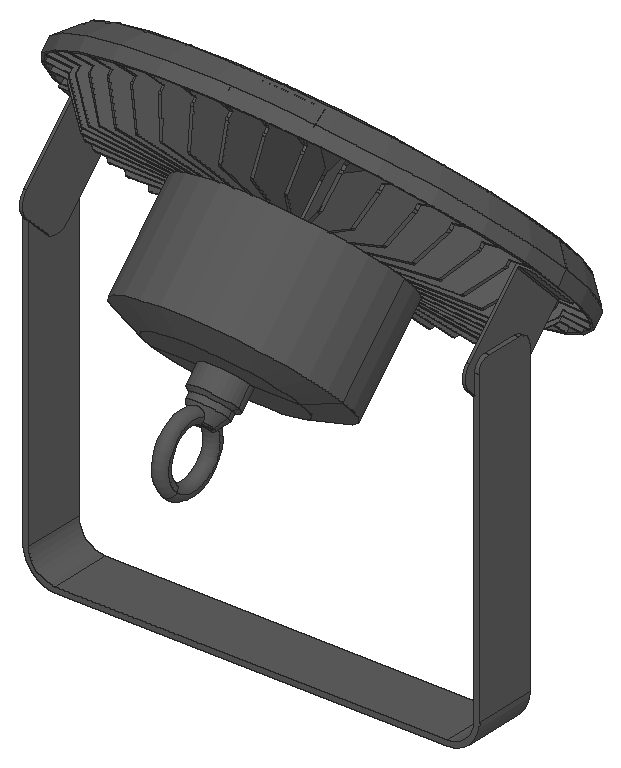
Revit family "0039365+0039353 Sylvania Lighting Fixture START HighBay IP65 DALI 13000lm 840 WB with BRACKET", category Lighting Fixtures, host Face, Revit 2017 (continued)
Definition of nested family "Start LED Highbay DALI Head"
  Nested families
    nested 8: "Start Highbay Rib" at (0, 0, 80.875) x (0.454, 0.891, 0) z (0, 0, 1), type "Type Name", detail levels medium+fine
      with SuspensionHeight_FEILO 2.6 mm, WidthStraight_FEILO 4.7 mm, WidthRingChamfer_FEILO 12.9 mm, WidthCurved_FEILO 26.2 mm, WidthCurvedRing_FEILO 4.7 mm, SizeS_FEILO no, Rib4_FEILO 14.6 mm, Rib3_FEILO 20.2 mm, Rib2_FEILO 4.5 mm, Rib1_FEILO 19 mm, RadiusDiffuser_FEILO 120 mm, RHRadius3_FEILO 8.6 mm, RHRadius2_FEILO 14 mm, RHRadius1_FEILO 17.7 mm, RHHeight4_FEILO 9.2 mm, RHHeight3_FEILO 4.6 mm, RHHeight2_FEILO 2.6 mm, RHHeight1_FEILO 17.4 mm, HeightRing_FEILO 36.8 mm, HeightRingChamfer_FEILO 26.6 mm, EyeThickness_FEILO 10.5 mm, EyeThicknessHalf_FEILO 5.25 mm, EyeInner_FEILO 17.3 mm, DriverVerticalStraight_FEILO 57 mm, DriverVerticalChamfer_FEILO 9.5 mm, DriverRadius_FEILO 76.4 mm, DriverRadiusTop_FEILO 52.4 mm, DriverBottom_FEILO 74 mm, Radius_FEILO 169.5 mm
    nested 9: "Start Highbay Rib" at (0, 0, 80.875) x (0.309, 0.9511, 0) z (0, 0, 1), type "Type Name", detail levels medium+fine
      with SuspensionHeight_FEILO 2.6 mm, WidthStraight_FEILO 4.7 mm, WidthRingChamfer_FEILO 12.9 mm, WidthCurved_FEILO 26.2 mm, WidthCurvedRing_FEILO 4.7 mm, SizeS_FEILO no, Rib4_FEILO 14.6 mm, Rib3_FEILO 20.2 mm, Rib2_FEILO 4.5 mm, Rib1_FEILO 19 mm, RadiusDiffuser_FEILO 120 mm, RHRadius3_FEILO 8.6 mm, RHRadius2_FEILO 14 mm, RHRadius1_FEILO 17.7 mm, RHHeight4_FEILO 9.2 mm, RHHeight3_FEILO 4.6 mm, RHHeight2_FEILO 2.6 mm, RHHeight1_FEILO 17.4 mm, HeightRing_FEILO 36.8 mm, HeightRingChamfer_FEILO 26.6 mm, EyeThickness_FEILO 10.5 mm, EyeThicknessHalf_FEILO 5.25 mm, EyeInner_FEILO 17.3 mm, DriverVerticalStraight_FEILO 57 mm, DriverVerticalChamfer_FEILO 9.5 mm, DriverRadius_FEILO 76.4 mm, DriverRadiusTop_FEILO 52.4 mm, DriverBottom_FEILO 74 mm, Radius_FEILO 169.5 mm
    nested 10: "Start Highbay Rib" at (0, 0, 80.875) x (0.1564, 0.9877, 0) z (0, 0, 1), type "Type Name", detail levels medium+fine
      with SuspensionHeight_FEILO 2.6 mm, WidthStraight_FEILO 4.7 mm, WidthRingChamfer_FEILO 12.9 mm, WidthCurved_FEILO 26.2 mm, WidthCurvedRing_FEILO 4.7 mm, SizeS_FEILO no, Rib4_FEILO 14.6 mm, Rib3_FEILO 20.2 mm, Rib2_FEILO 4.5 mm, Rib1_FEILO 19 mm, RadiusDiffuser_FEILO 120 mm, RHRadius3_FEILO 8.6 mm, RHRadius2_FEILO 14 mm, RHRadius1_FEILO 17.7 mm, RHHeight4_FEILO 9.2 mm, RHHeight3_FEILO 4.6 mm, RHHeight2_FEILO 2.6 mm, RHHeight1_FEILO 17.4 mm, HeightRing_FEILO 36.8 mm, HeightRingChamfer_FEILO 26.6 mm, EyeThickness_FEILO 10.5 mm, EyeThicknessHalf_FEILO 5.25 mm, EyeInner_FEILO 17.3 mm, DriverVerticalStraight_FEILO 57 mm, DriverVerticalChamfer_FEILO 9.5 mm, DriverRadius_FEILO 76.4 mm, DriverRadiusTop_FEILO 52.4 mm, DriverBottom_FEILO 74 mm, Radius_FEILO 169.5 mm
    nested 11: "Start Highbay Rib" at (0, 0, 80.875) x (0, 1, 0) z (0, 0, 1), type "Type Name", detail levels medium+fine
      with SuspensionHeight_FEILO 2.6 mm, WidthStraight_FEILO 4.7 mm, WidthRingChamfer_FEILO 12.9 mm, WidthCurved_FEILO 26.2 mm, WidthCurvedRing_FEILO 4.7 mm, SizeS_FEILO no, Rib4_FEILO 14.6 mm, Rib3_FEILO 20.2 mm, Rib2_FEILO 4.5 mm, Rib1_FEILO 19 mm, RadiusDiffuser_FEILO 120 mm, RHRadius3_FEILO 8.6 mm, RHRadius2_FEILO 14 mm, RHRadius1_FEILO 17.7 mm, RHHeight4_FEILO 9.2 mm, RHHeight3_FEILO 4.6 mm, RHHeight2_FEILO 2.6 mm, RHHeight1_FEILO 17.4 mm, HeightRing_FEILO 36.8 mm, HeightRingChamfer_FEILO 26.6 mm, EyeThickness_FEILO 10.5 mm, EyeThicknessHalf_FEILO 5.25 mm, EyeInner_FEILO 17.3 mm, DriverVerticalStraight_FEILO 57 mm, DriverVerticalChamfer_FEILO 9.5 mm, DriverRadius_FEILO 76.4 mm, DriverRadiusTop_FEILO 52.4 mm, DriverBottom_FEILO 74 mm, Radius_FEILO 169.5 mm
    nested 12: "Start Highbay Rib" at (0, 0, 80.875) x (-0.1564, 0.9877, 0) z (0, 0, 1), type "Type Name", detail levels medium+fine
      with SuspensionHeight_FEILO 2.6 mm, WidthStraight_FEILO 4.7 mm, WidthRingChamfer_FEILO 12.9 mm, WidthCurved_FEILO 26.2 mm, WidthCurvedRing_FEILO 4.7 mm, SizeS_FEILO no, Rib4_FEILO 14.6 mm, Rib3_FEILO 20.2 mm, Rib2_FEILO 4.5 mm, Rib1_FEILO 19 mm, RadiusDiffuser_FEILO 120 mm, RHRadius3_FEILO 8.6 mm, RHRadius2_FEILO 14 mm, RHRadius1_FEILO 17.7 mm, RHHeight4_FEILO 9.2 mm, RHHeight3_FEILO 4.6 mm, RHHeight2_FEILO 2.6 mm, RHHeight1_FEILO 17.4 mm, HeightRing_FEILO 36.8 mm, HeightRingChamfer_FEILO 26.6 mm, EyeThickness_FEILO 10.5 mm, EyeThicknessHalf_FEILO 5.25 mm, EyeInner_FEILO 17.3 mm, DriverVerticalStraight_FEILO 57 mm, DriverVerticalChamfer_FEILO 9.5 mm, DriverRadius_FEILO 76.4 mm, DriverRadiusTop_FEILO 52.4 mm, DriverBottom_FEILO 74 mm, Radius_FEILO 169.5 mm
    nested 13: "Start Highbay Rib" at (0, 0, 80.875) x (-0.309, 0.9511, 0) z (0, 0, 1), type "Type Name", detail levels medium+fine
      with SuspensionHeight_FEILO 2.6 mm, WidthStraight_FEILO 4.7 mm, WidthRingChamfer_FEILO 12.9 mm, WidthCurved_FEILO 26.2 mm, WidthCurvedRing_FEILO 4.7 mm, SizeS_FEILO no, Rib4_FEILO 14.6 mm, Rib3_FEILO 20.2 mm, Rib2_FEILO 4.5 mm, Rib1_FEILO 19 mm, RadiusDiffuser_FEILO 120 mm, RHRadius3_FEILO 8.6 mm, RHRadius2_FEILO 14 mm, RHRadius1_FEILO 17.7 mm, RHHeight4_FEILO 9.2 mm, RHHeight3_FEILO 4.6 mm, RHHeight2_FEILO 2.6 mm, RHHeight1_FEILO 17.4 mm, HeightRing_FEILO 36.8 mm, HeightRingChamfer_FEILO 26.6 mm, EyeThickness_FEILO 10.5 mm, EyeThicknessHalf_FEILO 5.25 mm, EyeInner_FEILO 17.3 mm, DriverVerticalStraight_FEILO 57 mm, DriverVerticalChamfer_FEILO 9.5 mm, DriverRadius_FEILO 76.4 mm, DriverRadiusTop_FEILO 52.4 mm, DriverBottom_FEILO 74 mm, Radius_FEILO 169.5 mm
    nested 14: "Start Highbay Rib" at (0, 0, 80.875) x (-0.454, 0.891, 0) z (0, 0, 1), type "Type Name", detail levels medium+fine
      with SuspensionHeight_FEILO 2.6 mm, WidthStraight_FEILO 4.7 mm, WidthRingChamfer_FEILO 12.9 mm, WidthCurved_FEILO 26.2 mm, WidthCurvedRing_FEILO 4.7 mm, SizeS_FEILO no, Rib4_FEILO 14.6 mm, Rib3_FEILO 20.2 mm, Rib2_FEILO 4.5 mm, Rib1_FEILO 19 mm, RadiusDiffuser_FEILO 120 mm, RHRadius3_FEILO 8.6 mm, RHRadius2_FEILO 14 mm, RHRadius1_FEILO 17.7 mm, RHHeight4_FEILO 9.2 mm, RHHeight3_FEILO 4.6 mm, RHHeight2_FEILO 2.6 mm, RHHeight1_FEILO 17.4 mm, HeightRing_FEILO 36.8 mm, HeightRingChamfer_FEILO 26.6 mm, EyeThickness_FEILO 10.5 mm, EyeThicknessHalf_FEILO 5.25 mm, EyeInner_FEILO 17.3 mm, DriverVerticalStraight_FEILO 57 mm, DriverVerticalChamfer_FEILO 9.5 mm, DriverRadius_FEILO 76.4 mm, DriverRadiusTop_FEILO 52.4 mm, DriverBottom_FEILO 74 mm, Radius_FEILO 169.5 mm
    nested 15: "Start Highbay Rib" at (0, 0, 80.875) x (-0.5878, 0.809, 0) z (0, 0, 1), type "Type Name", detail levels medium+fine
      with SuspensionHeight_FEILO 2.6 mm, WidthStraight_FEILO 4.7 mm, WidthRingChamfer_FEILO 12.9 mm, WidthCurved_FEILO 26.2 mm, WidthCurvedRing_FEILO 4.7 mm, SizeS_FEILO no, Rib4_FEILO 14.6 mm, Rib3_FEILO 20.2 mm, Rib2_FEILO 4.5 mm, Rib1_FEILO 19 mm, RadiusDiffuser_FEILO 120 mm, RHRadius3_FEILO 8.6 mm, RHRadius2_FEILO 14 mm, RHRadius1_FEILO 17.7 mm, RHHeight4_FEILO 9.2 mm, RHHeight3_FEILO 4.6 mm, RHHeight2_FEILO 2.6 mm, RHHeight1_FEILO 17.4 mm, HeightRing_FEILO 36.8 mm, HeightRingChamfer_FEILO 26.6 mm, EyeThickness_FEILO 10.5 mm, EyeThicknessHalf_FEILO 5.25 mm, EyeInner_FEILO 17.3 mm, DriverVerticalStraight_FEILO 57 mm, DriverVerticalChamfer_FEILO 9.5 mm, DriverRadius_FEILO 76.4 mm, DriverRadiusTop_FEILO 52.4 mm, DriverBottom_FEILO 74 mm, Radius_FEILO 169.5 mm
    nested 16: "Start Highbay Rib" at (0, 0, 80.875) x (-0.7071, 0.7071, 0) z (0, 0, 1), type "Type Name", detail levels medium+fine
      with SuspensionHeight_FEILO 2.6 mm, WidthStraight_FEILO 4.7 mm, WidthRingChamfer_FEILO 12.9 mm, WidthCurved_FEILO 26.2 mm, WidthCurvedRing_FEILO 4.7 mm, SizeS_FEILO no, Rib4_FEILO 14.6 mm, Rib3_FEILO 20.2 mm, Rib2_FEILO 4.5 mm, Rib1_FEILO 19 mm, RadiusDiffuser_FEILO 120 mm, RHRadius3_FEILO 8.6 mm, RHRadius2_FEILO 14 mm, RHRadius1_FEILO 17.7 mm, RHHeight4_FEILO 9.2 mm, RHHeight3_FEILO 4.6 mm, RHHeight2_FEILO 2.6 mm, RHHeight1_FEILO 17.4 mm, HeightRing_FEILO 36.8 mm, HeightRingChamfer_FEILO 26.6 mm, EyeThickness_FEILO 10.5 mm, EyeThicknessHalf_FEILO 5.25 mm, EyeInner_FEILO 17.3 mm, DriverVerticalStraight_FEILO 57 mm, DriverVerticalChamfer_FEILO 9.5 mm, DriverRadius_FEILO 76.4 mm, DriverRadiusTop_FEILO 52.4 mm, DriverBottom_FEILO 74 mm, Radius_FEILO 169.5 mm
    nested 17: "Start Highbay Rib" at (0, 0, 80.875) x (-0.809, 0.5878, 0) z (0, 0, 1), type "Type Name", detail levels medium+fine
      with SuspensionHeight_FEILO 2.6 mm, WidthStraight_FEILO 4.7 mm, WidthRingChamfer_FEILO 12.9 mm, WidthCurved_FEILO 26.2 mm, WidthCurvedRing_FEILO 4.7 mm, SizeS_FEILO no, Rib4_FEILO 14.6 mm, Rib3_FEILO 20.2 mm, Rib2_FEILO 4.5 mm, Rib1_FEILO 19 mm, RadiusDiffuser_FEILO 120 mm, RHRadius3_FEILO 8.6 mm, RHRadius2_FEILO 14 mm, RHRadius1_FEILO 17.7 mm, RHHeight4_FEILO 9.2 mm, RHHeight3_FEILO 4.6 mm, RHHeight2_FEILO 2.6 mm, RHHeight1_FEILO 17.4 mm, HeightRing_FEILO 36.8 mm, HeightRingChamfer_FEILO 26.6 mm, EyeThickness_FEILO 10.5 mm, EyeThicknessHalf_FEILO 5.25 mm, EyeInner_FEILO 17.3 mm, DriverVerticalStraight_FEILO 57 mm, DriverVerticalChamfer_FEILO 9.5 mm, DriverRadius_FEILO 76.4 mm, DriverRadiusTop_FEILO 52.4 mm, DriverBottom_FEILO 74 mm, Radius_FEILO 169.5 mm
    nested 18: "Start Highbay Rib" at (0, 0, 80.875) x (-0.891, 0.454, 0) z (0, 0, 1), type "Type Name", detail levels medium+fine
      with SuspensionHeight_FEILO 2.6 mm, WidthStraight_FEILO 4.7 mm, WidthRingChamfer_FEILO 12.9 mm, WidthCurved_FEILO 26.2 mm, WidthCurvedRing_FEILO 4.7 mm, SizeS_FEILO no, Rib4_FEILO 14.6 mm, Rib3_FEILO 20.2 mm, Rib2_FEILO 4.5 mm, Rib1_FEILO 19 mm, RadiusDiffuser_FEILO 120 mm, RHRadius3_FEILO 8.6 mm, RHRadius2_FEILO 14 mm, RHRadius1_FEILO 17.7 mm, RHHeight4_FEILO 9.2 mm, RHHeight3_FEILO 4.6 mm, RHHeight2_FEILO 2.6 mm, RHHeight1_FEILO 17.4 mm, HeightRing_FEILO 36.8 mm, HeightRingChamfer_FEILO 26.6 mm, EyeThickness_FEILO 10.5 mm, EyeThicknessHalf_FEILO 5.25 mm, EyeInner_FEILO 17.3 mm, DriverVerticalStraight_FEILO 57 mm, DriverVerticalChamfer_FEILO 9.5 mm, DriverRadius_FEILO 76.4 mm, DriverRadiusTop_FEILO 52.4 mm, DriverBottom_FEILO 74 mm, Radius_FEILO 169.5 mm
    nested 19: "Start Highbay Rib" at (0, 0, 80.875) x (-0.9511, 0.309, 0) z (0, 0, 1), type "Type Name", detail levels medium+fine
      with SuspensionHeight_FEILO 2.6 mm, WidthStraight_FEILO 4.7 mm, WidthRingChamfer_FEILO 12.9 mm, WidthCurved_FEILO 26.2 mm, WidthCurvedRing_FEILO 4.7 mm, SizeS_FEILO no, Rib4_FEILO 14.6 mm, Rib3_FEILO 20.2 mm, Rib2_FEILO 4.5 mm, Rib1_FEILO 19 mm, RadiusDiffuser_FEILO 120 mm, RHRadius3_FEILO 8.6 mm, RHRadius2_FEILO 14 mm, RHRadius1_FEILO 17.7 mm, RHHeight4_FEILO 9.2 mm, RHHeight3_FEILO 4.6 mm, RHHeight2_FEILO 2.6 mm, RHHeight1_FEILO 17.4 mm, HeightRing_FEILO 36.8 mm, HeightRingChamfer_FEILO 26.6 mm, EyeThickness_FEILO 10.5 mm, EyeThicknessHalf_FEILO 5.25 mm, EyeInner_FEILO 17.3 mm, DriverVerticalStraight_FEILO 57 mm, DriverVerticalChamfer_FEILO 9.5 mm, DriverRadius_FEILO 76.4 mm, DriverRadiusTop_FEILO 52.4 mm, DriverBottom_FEILO 74 mm, Radius_FEILO 169.5 mm
    nested 20: "Start Highbay Rib" at (0, 0, 80.875) x (-0.9877, 0.1564, 0) z (0, 0, 1), type "Type Name", detail levels medium+fine
      with SuspensionHeight_FEILO 2.6 mm, WidthStraight_FEILO 4.7 mm, WidthRingChamfer_FEILO 12.9 mm, WidthCurved_FEILO 26.2 mm, WidthCurvedRing_FEILO 4.7 mm, SizeS_FEILO no, Rib4_FEILO 14.6 mm, Rib3_FEILO 20.2 mm, Rib2_FEILO 4.5 mm, Rib1_FEILO 19 mm, RadiusDiffuser_FEILO 120 mm, RHRadius3_FEILO 8.6 mm, RHRadius2_FEILO 14 mm, RHRadius1_FEILO 17.7 mm, RHHeight4_FEILO 9.2 mm, RHHeight3_FEILO 4.6 mm, RHHeight2_FEILO 2.6 mm, RHHeight1_FEILO 17.4 mm, HeightRing_FEILO 36.8 mm, HeightRingChamfer_FEILO 26.6 mm, EyeThickness_FEILO 10.5 mm, EyeThicknessHalf_FEILO 5.25 mm, EyeInner_FEILO 17.3 mm, DriverVerticalStraight_FEILO 57 mm, DriverVerticalChamfer_FEILO 9.5 mm, DriverRadius_FEILO 76.4 mm, DriverRadiusTop_FEILO 52.4 mm, DriverBottom_FEILO 74 mm, Radius_FEILO 169.5 mm
    nested 21: "Start Highbay Rib" at (0, 0, 80.875) x (-1, 0, 0) z (0, 0, 1), type "Type Name", detail levels medium+fine
      with SuspensionHeight_FEILO 2.6 mm, WidthStraight_FEILO 4.7 mm, WidthRingChamfer_FEILO 12.9 mm, WidthCurved_FEILO 26.2 mm, WidthCurvedRing_FEILO 4.7 mm, SizeS_FEILO no, Rib4_FEILO 14.6 mm, Rib3_FEILO 20.2 mm, Rib2_FEILO 4.5 mm, Rib1_FEILO 19 mm, RadiusDiffuser_FEILO 120 mm, RHRadius3_FEILO 8.6 mm, RHRadius2_FEILO 14 mm, RHRadius1_FEILO 17.7 mm, RHHeight4_FEILO 9.2 mm, RHHeight3_FEILO 4.6 mm, RHHeight2_FEILO 2.6 mm, RHHeight1_FEILO 17.4 mm, HeightRing_FEILO 36.8 mm, HeightRingChamfer_FEILO 26.6 mm, EyeThickness_FEILO 10.5 mm, EyeThicknessHalf_FEILO 5.25 mm, EyeInner_FEILO 17.3 mm, DriverVerticalStraight_FEILO 57 mm, DriverVerticalChamfer_FEILO 9.5 mm, DriverRadius_FEILO 76.4 mm, DriverRadiusTop_FEILO 52.4 mm, DriverBottom_FEILO 74 mm, Radius_FEILO 169.5 mm
    nested 22: "Start Highbay Rib" at (0, 0, 80.875) x (-0.9877, -0.1564, 0) z (0, 0, 1), type "Type Name", detail levels medium+fine
      with SuspensionHeight_FEILO 2.6 mm, WidthStraight_FEILO 4.7 mm, WidthRingChamfer_FEILO 12.9 mm, WidthCurved_FEILO 26.2 mm, WidthCurvedRing_FEILO 4.7 mm, SizeS_FEILO no, Rib4_FEILO 14.6 mm, Rib3_FEILO 20.2 mm, Rib2_FEILO 4.5 mm, Rib1_FEILO 19 mm, RadiusDiffuser_FEILO 120 mm, RHRadius3_FEILO 8.6 mm, RHRadius2_FEILO 14 mm, RHRadius1_FEILO 17.7 mm, RHHeight4_FEILO 9.2 mm, RHHeight3_FEILO 4.6 mm, RHHeight2_FEILO 2.6 mm, RHHeight1_FEILO 17.4 mm, HeightRing_FEILO 36.8 mm, HeightRingChamfer_FEILO 26.6 mm, EyeThickness_FEILO 10.5 mm, EyeThicknessHalf_FEILO 5.25 mm, EyeInner_FEILO 17.3 mm, DriverVerticalStraight_FEILO 57 mm, DriverVerticalChamfer_FEILO 9.5 mm, DriverRadius_FEILO 76.4 mm, DriverRadiusTop_FEILO 52.4 mm, DriverBottom_FEILO 74 mm, Radius_FEILO 169.5 mm
    nested 23: "Start Highbay Rib" at (0, 0, 80.875) x (-0.9511, -0.309, 0) z (0, 0, 1), type "Type Name", detail levels medium+fine
      with SuspensionHeight_FEILO 2.6 mm, WidthStraight_FEILO 4.7 mm, WidthRingChamfer_FEILO 12.9 mm, WidthCurved_FEILO 26.2 mm, WidthCurvedRing_FEILO 4.7 mm, SizeS_FEILO no, Rib4_FEILO 14.6 mm, Rib3_FEILO 20.2 mm, Rib2_FEILO 4.5 mm, Rib1_FEILO 19 mm, RadiusDiffuser_FEILO 120 mm, RHRadius3_FEILO 8.6 mm, RHRadius2_FEILO 14 mm, RHRadius1_FEILO 17.7 mm, RHHeight4_FEILO 9.2 mm, RHHeight3_FEILO 4.6 mm, RHHeight2_FEILO 2.6 mm, RHHeight1_FEILO 17.4 mm, HeightRing_FEILO 36.8 mm, HeightRingChamfer_FEILO 26.6 mm, EyeThickness_FEILO 10.5 mm, EyeThicknessHalf_FEILO 5.25 mm, EyeInner_FEILO 17.3 mm, DriverVerticalStraight_FEILO 57 mm, DriverVerticalChamfer_FEILO 9.5 mm, DriverRadius_FEILO 76.4 mm, DriverRadiusTop_FEILO 52.4 mm, DriverBottom_FEILO 74 mm, Radius_FEILO 169.5 mm
    nested 24: "Start Highbay Rib" at (0, 0, 80.875) x (-0.891, -0.454, 0) z (0, 0, 1), type "Type Name", detail levels medium+fine
      with SuspensionHeight_FEILO 2.6 mm, WidthStraight_FEILO 4.7 mm, WidthRingChamfer_FEILO 12.9 mm, WidthCurved_FEILO 26.2 mm, WidthCurvedRing_FEILO 4.7 mm, SizeS_FEILO no, Rib4_FEILO 14.6 mm, Rib3_FEILO 20.2 mm, Rib2_FEILO 4.5 mm, Rib1_FEILO 19 mm, RadiusDiffuser_FEILO 120 mm, RHRadius3_FEILO 8.6 mm, RHRadius2_FEILO 14 mm, RHRadius1_FEILO 17.7 mm, RHHeight4_FEILO 9.2 mm, RHHeight3_FEILO 4.6 mm, RHHeight2_FEILO 2.6 mm, RHHeight1_FEILO 17.4 mm, HeightRing_FEILO 36.8 mm, HeightRingChamfer_FEILO 26.6 mm, EyeThickness_FEILO 10.5 mm, EyeThicknessHalf_FEILO 5.25 mm, EyeInner_FEILO 17.3 mm, DriverVerticalStraight_FEILO 57 mm, DriverVerticalChamfer_FEILO 9.5 mm, DriverRadius_FEILO 76.4 mm, DriverRadiusTop_FEILO 52.4 mm, DriverBottom_FEILO 74 mm, Radius_FEILO 169.5 mm
    nested 25: "Start Highbay Rib" at (0, 0, 80.875) x (-0.809, -0.5878, 0) z (0, 0, 1), type "Type Name", detail levels medium+fine
      with SuspensionHeight_FEILO 2.6 mm, WidthStraight_FEILO 4.7 mm, WidthRingChamfer_FEILO 12.9 mm, WidthCurved_FEILO 26.2 mm, WidthCurvedRing_FEILO 4.7 mm, SizeS_FEILO no, Rib4_FEILO 14.6 mm, Rib3_FEILO 20.2 mm, Rib2_FEILO 4.5 mm, Rib1_FEILO 19 mm, RadiusDiffuser_FEILO 120 mm, RHRadius3_FEILO 8.6 mm, RHRadius2_FEILO 14 mm, RHRadius1_FEILO 17.7 mm, RHHeight4_FEILO 9.2 mm, RHHeight3_FEILO 4.6 mm, RHHeight2_FEILO 2.6 mm, RHHeight1_FEILO 17.4 mm, HeightRing_FEILO 36.8 mm, HeightRingChamfer_FEILO 26.6 mm, EyeThickness_FEILO 10.5 mm, EyeThicknessHalf_FEILO 5.25 mm, EyeInner_FEILO 17.3 mm, DriverVerticalStraight_FEILO 57 mm, DriverVerticalChamfer_FEILO 9.5 mm, DriverRadius_FEILO 76.4 mm, DriverRadiusTop_FEILO 52.4 mm, DriverBottom_FEILO 74 mm, Radius_FEILO 169.5 mm
    nested 26: "Start Highbay Rib" at (0, 0, 80.875) x (-0.7071, -0.7071, 0) z (0, 0, 1), type "Type Name", detail levels medium+fine
      with SuspensionHeight_FEILO 2.6 mm, WidthStraight_FEILO 4.7 mm, WidthRingChamfer_FEILO 12.9 mm, WidthCurved_FEILO 26.2 mm, WidthCurvedRing_FEILO 4.7 mm, SizeS_FEILO no, Rib4_FEILO 14.6 mm, Rib3_FEILO 20.2 mm, Rib2_FEILO 4.5 mm, Rib1_FEILO 19 mm, RadiusDiffuser_FEILO 120 mm, RHRadius3_FEILO 8.6 mm, RHRadius2_FEILO 14 mm, RHRadius1_FEILO 17.7 mm, RHHeight4_FEILO 9.2 mm, RHHeight3_FEILO 4.6 mm, RHHeight2_FEILO 2.6 mm, RHHeight1_FEILO 17.4 mm, HeightRing_FEILO 36.8 mm, HeightRingChamfer_FEILO 26.6 mm, EyeThickness_FEILO 10.5 mm, EyeThicknessHalf_FEILO 5.25 mm, EyeInner_FEILO 17.3 mm, DriverVerticalStraight_FEILO 57 mm, DriverVerticalChamfer_FEILO 9.5 mm, DriverRadius_FEILO 76.4 mm, DriverRadiusTop_FEILO 52.4 mm, DriverBottom_FEILO 74 mm, Radius_FEILO 169.5 mm
    nested 27: "Start Highbay Rib" at (0, 0, 80.875) x (-0.5878, -0.809, 0) z (0, 0, 1), type "Type Name", detail levels medium+fine
      with SuspensionHeight_FEILO 2.6 mm, WidthStraight_FEILO 4.7 mm, WidthRingChamfer_FEILO 12.9 mm, WidthCurved_FEILO 26.2 mm, WidthCurvedRing_FEILO 4.7 mm, SizeS_FEILO no, Rib4_FEILO 14.6 mm, Rib3_FEILO 20.2 mm, Rib2_FEILO 4.5 mm, Rib1_FEILO 19 mm, RadiusDiffuser_FEILO 120 mm, RHRadius3_FEILO 8.6 mm, RHRadius2_FEILO 14 mm, RHRadius1_FEILO 17.7 mm, RHHeight4_FEILO 9.2 mm, RHHeight3_FEILO 4.6 mm, RHHeight2_FEILO 2.6 mm, RHHeight1_FEILO 17.4 mm, HeightRing_FEILO 36.8 mm, HeightRingChamfer_FEILO 26.6 mm, EyeThickness_FEILO 10.5 mm, EyeThicknessHalf_FEILO 5.25 mm, EyeInner_FEILO 17.3 mm, DriverVerticalStraight_FEILO 57 mm, DriverVerticalChamfer_FEILO 9.5 mm, DriverRadius_FEILO 76.4 mm, DriverRadiusTop_FEILO 52.4 mm, DriverBottom_FEILO 74 mm, Radius_FEILO 169.5 mm
    nested 28: "Start Highbay Rib" at (0, 0, 80.875) x (-0.454, -0.891, 0) z (0, 0, 1), type "Type Name", detail levels medium+fine
      with SuspensionHeight_FEILO 2.6 mm, WidthStraight_FEILO 4.7 mm, WidthRingChamfer_FEILO 12.9 mm, WidthCurved_FEILO 26.2 mm, WidthCurvedRing_FEILO 4.7 mm, SizeS_FEILO no, Rib4_FEILO 14.6 mm, Rib3_FEILO 20.2 mm, Rib2_FEILO 4.5 mm, Rib1_FEILO 19 mm, RadiusDiffuser_FEILO 120 mm, RHRadius3_FEILO 8.6 mm, RHRadius2_FEILO 14 mm, RHRadius1_FEILO 17.7 mm, RHHeight4_FEILO 9.2 mm, RHHeight3_FEILO 4.6 mm, RHHeight2_FEILO 2.6 mm, RHHeight1_FEILO 17.4 mm, HeightRing_FEILO 36.8 mm, HeightRingChamfer_FEILO 26.6 mm, EyeThickness_FEILO 10.5 mm, EyeThicknessHalf_FEILO 5.25 mm, EyeInner_FEILO 17.3 mm, DriverVerticalStraight_FEILO 57 mm, DriverVerticalChamfer_FEILO 9.5 mm, DriverRadius_FEILO 76.4 mm, DriverRadiusTop_FEILO 52.4 mm, DriverBottom_FEILO 74 mm, Radius_FEILO 169.5 mm
    nested 29: "Start Highbay Rib" at (0, 0, 80.875) x (-0.309, -0.9511, 0) z (0, 0, 1), type "Type Name", detail levels medium+fine
      with SuspensionHeight_FEILO 2.6 mm, WidthStraight_FEILO 4.7 mm, WidthRingChamfer_FEILO 12.9 mm, WidthCurved_FEILO 26.2 mm, WidthCurvedRing_FEILO 4.7 mm, SizeS_FEILO no, Rib4_FEILO 14.6 mm, Rib3_FEILO 20.2 mm, Rib2_FEILO 4.5 mm, Rib1_FEILO 19 mm, RadiusDiffuser_FEILO 120 mm, RHRadius3_FEILO 8.6 mm, RHRadius2_FEILO 14 mm, RHRadius1_FEILO 17.7 mm, RHHeight4_FEILO 9.2 mm, RHHeight3_FEILO 4.6 mm, RHHeight2_FEILO 2.6 mm, RHHeight1_FEILO 17.4 mm, HeightRing_FEILO 36.8 mm, HeightRingChamfer_FEILO 26.6 mm, EyeThickness_FEILO 10.5 mm, EyeThicknessHalf_FEILO 5.25 mm, EyeInner_FEILO 17.3 mm, DriverVerticalStraight_FEILO 57 mm, DriverVerticalChamfer_FEILO 9.5 mm, DriverRadius_FEILO 76.4 mm, DriverRadiusTop_FEILO 52.4 mm, DriverBottom_FEILO 74 mm, Radius_FEILO 169.5 mm
    nested 30: "Start Highbay Rib" at (0, 0, 80.875) x (-0.1564, -0.9877, 0) z (0, 0, 1), type "Type Name", detail levels medium+fine
      with SuspensionHeight_FEILO 2.6 mm, WidthStraight_FEILO 4.7 mm, WidthRingChamfer_FEILO 12.9 mm, WidthCurved_FEILO 26.2 mm, WidthCurvedRing_FEILO 4.7 mm, SizeS_FEILO no, Rib4_FEILO 14.6 mm, Rib3_FEILO 20.2 mm, Rib2_FEILO 4.5 mm, Rib1_FEILO 19 mm, RadiusDiffuser_FEILO 120 mm, RHRadius3_FEILO 8.6 mm, RHRadius2_FEILO 14 mm, RHRadius1_FEILO 17.7 mm, RHHeight4_FEILO 9.2 mm, RHHeight3_FEILO 4.6 mm, RHHeight2_FEILO 2.6 mm, RHHeight1_FEILO 17.4 mm, HeightRing_FEILO 36.8 mm, HeightRingChamfer_FEILO 26.6 mm, EyeThickness_FEILO 10.5 mm, EyeThicknessHalf_FEILO 5.25 mm, EyeInner_FEILO 17.3 mm, DriverVerticalStraight_FEILO 57 mm, DriverVerticalChamfer_FEILO 9.5 mm, DriverRadius_FEILO 76.4 mm, DriverRadiusTop_FEILO 52.4 mm, DriverBottom_FEILO 74 mm, Radius_FEILO 169.5 mm
    nested 31: "Start Highbay Rib" at (0, 0, 80.875) x (0, -1, 0) z (0, 0, 1), type "Type Name", detail levels medium+fine
      with SuspensionHeight_FEILO 2.6 mm, WidthStraight_FEILO 4.7 mm, WidthRingChamfer_FEILO 12.9 mm, WidthCurved_FEILO 26.2 mm, WidthCurvedRing_FEILO 4.7 mm, SizeS_FEILO no, Rib4_FEILO 14.6 mm, Rib3_FEILO 20.2 mm, Rib2_FEILO 4.5 mm, Rib1_FEILO 19 mm, RadiusDiffuser_FEILO 120 mm, RHRadius3_FEILO 8.6 mm, RHRadius2_FEILO 14 mm, RHRadius1_FEILO 17.7 mm, RHHeight4_FEILO 9.2 mm, RHHeight3_FEILO 4.6 mm, RHHeight2_FEILO 2.6 mm, RHHeight1_FEILO 17.4 mm, HeightRing_FEILO 36.8 mm, HeightRingChamfer_FEILO 26.6 mm, EyeThickness_FEILO 10.5 mm, EyeThicknessHalf_FEILO 5.25 mm, EyeInner_FEILO 17.3 mm, DriverVerticalStraight_FEILO 57 mm, DriverVerticalChamfer_FEILO 9.5 mm, DriverRadius_FEILO 76.4 mm, DriverRadiusTop_FEILO 52.4 mm, DriverBottom_FEILO 74 mm, Radius_FEILO 169.5 mm
    nested 32: "Start Highbay Rib" at (0, 0, 80.875) x (0.1564, -0.9877, 0) z (0, 0, 1), type "Type Name", detail levels medium+fine
      with SuspensionHeight_FEILO 2.6 mm, WidthStraight_FEILO 4.7 mm, WidthRingChamfer_FEILO 12.9 mm, WidthCurved_FEILO 26.2 mm, WidthCurvedRing_FEILO 4.7 mm, SizeS_FEILO no, Rib4_FEILO 14.6 mm, Rib3_FEILO 20.2 mm, Rib2_FEILO 4.5 mm, Rib1_FEILO 19 mm, RadiusDiffuser_FEILO 120 mm, RHRadius3_FEILO 8.6 mm, RHRadius2_FEILO 14 mm, RHRadius1_FEILO 17.7 mm, RHHeight4_FEILO 9.2 mm, RHHeight3_FEILO 4.6 mm, RHHeight2_FEILO 2.6 mm, RHHeight1_FEILO 17.4 mm, HeightRing_FEILO 36.8 mm, HeightRingChamfer_FEILO 26.6 mm, EyeThickness_FEILO 10.5 mm, EyeThicknessHalf_FEILO 5.25 mm, EyeInner_FEILO 17.3 mm, DriverVerticalStraight_FEILO 57 mm, DriverVerticalChamfer_FEILO 9.5 mm, DriverRadius_FEILO 76.4 mm, DriverRadiusTop_FEILO 52.4 mm, DriverBottom_FEILO 74 mm, Radius_FEILO 169.5 mm
    nested 33: "Start Highbay Rib" at (0, 0, 80.875) x (0.309, -0.9511, 0) z (0, 0, 1), type "Type Name", detail levels medium+fine
      with SuspensionHeight_FEILO 2.6 mm, WidthStraight_FEILO 4.7 mm, WidthRingChamfer_FEILO 12.9 mm, WidthCurved_FEILO 26.2 mm, WidthCurvedRing_FEILO 4.7 mm, SizeS_FEILO no, Rib4_FEILO 14.6 mm, Rib3_FEILO 20.2 mm, Rib2_FEILO 4.5 mm, Rib1_FEILO 19 mm, RadiusDiffuser_FEILO 120 mm, RHRadius3_FEILO 8.6 mm, RHRadius2_FEILO 14 mm, RHRadius1_FEILO 17.7 mm, RHHeight4_FEILO 9.2 mm, RHHeight3_FEILO 4.6 mm, RHHeight2_FEILO 2.6 mm, RHHeight1_FEILO 17.4 mm, HeightRing_FEILO 36.8 mm, HeightRingChamfer_FEILO 26.6 mm, EyeThickness_FEILO 10.5 mm, EyeThicknessHalf_FEILO 5.25 mm, EyeInner_FEILO 17.3 mm, DriverVerticalStraight_FEILO 57 mm, DriverVerticalChamfer_FEILO 9.5 mm, DriverRadius_FEILO 76.4 mm, DriverRadiusTop_FEILO 52.4 mm, DriverBottom_FEILO 74 mm, Radius_FEILO 169.5 mm
    nested 34: "Start Highbay Rib" at (0, 0, 80.875) x (0.454, -0.891, 0) z (0, 0, 1), type "Type Name", detail levels medium+fine
      with SuspensionHeight_FEILO 2.6 mm, WidthStraight_FEILO 4.7 mm, WidthRingChamfer_FEILO 12.9 mm, WidthCurved_FEILO 26.2 mm, WidthCurvedRing_FEILO 4.7 mm, SizeS_FEILO no, Rib4_FEILO 14.6 mm, Rib3_FEILO 20.2 mm, Rib2_FEILO 4.5 mm, Rib1_FEILO 19 mm, RadiusDiffuser_FEILO 120 mm, RHRadius3_FEILO 8.6 mm, RHRadius2_FEILO 14 mm, RHRadius1_FEILO 17.7 mm, RHHeight4_FEILO 9.2 mm, RHHeight3_FEILO 4.6 mm, RHHeight2_FEILO 2.6 mm, RHHeight1_FEILO 17.4 mm, HeightRing_FEILO 36.8 mm, HeightRingChamfer_FEILO 26.6 mm, EyeThickness_FEILO 10.5 mm, EyeThicknessHalf_FEILO 5.25 mm, EyeInner_FEILO 17.3 mm, DriverVerticalStraight_FEILO 57 mm, DriverVerticalChamfer_FEILO 9.5 mm, DriverRadius_FEILO 76.4 mm, DriverRadiusTop_FEILO 52.4 mm, DriverBottom_FEILO 74 mm, Radius_FEILO 169.5 mm
    nested 35: "Start Highbay Rib" at (0, 0, 80.875) x (0.5878, -0.809, 0) z (0, 0, 1), type "Type Name", detail levels medium+fine
      with SuspensionHeight_FEILO 2.6 mm, WidthStraight_FEILO 4.7 mm, WidthRingChamfer_FEILO 12.9 mm, WidthCurved_FEILO 26.2 mm, WidthCurvedRing_FEILO 4.7 mm, SizeS_FEILO no, Rib4_FEILO 14.6 mm, Rib3_FEILO 20.2 mm, Rib2_FEILO 4.5 mm, Rib1_FEILO 19 mm, RadiusDiffuser_FEILO 120 mm, RHRadius3_FEILO 8.6 mm, RHRadius2_FEILO 14 mm, RHRadius1_FEILO 17.7 mm, RHHeight4_FEILO 9.2 mm, RHHeight3_FEILO 4.6 mm, RHHeight2_FEILO 2.6 mm, RHHeight1_FEILO 17.4 mm, HeightRing_FEILO 36.8 mm, HeightRingChamfer_FEILO 26.6 mm, EyeThickness_FEILO 10.5 mm, EyeThicknessHalf_FEILO 5.25 mm, EyeInner_FEILO 17.3 mm, DriverVerticalStraight_FEILO 57 mm, DriverVerticalChamfer_FEILO 9.5 mm, DriverRadius_FEILO 76.4 mm, DriverRadiusTop_FEILO 52.4 mm, DriverBottom_FEILO 74 mm, Radius_FEILO 169.5 mm
    nested 36: "Start Highbay Rib" at (0, 0, 80.875) x (0.7071, -0.7071, 0) z (0, 0, 1), type "Type Name", detail levels medium+fine
      with SuspensionHeight_FEILO 2.6 mm, WidthStraight_FEILO 4.7 mm, WidthRingChamfer_FEILO 12.9 mm, WidthCurved_FEILO 26.2 mm, WidthCurvedRing_FEILO 4.7 mm, SizeS_FEILO no, Rib4_FEILO 14.6 mm, Rib3_FEILO 20.2 mm, Rib2_FEILO 4.5 mm, Rib1_FEILO 19 mm, RadiusDiffuser_FEILO 120 mm, RHRadius3_FEILO 8.6 mm, RHRadius2_FEILO 14 mm, RHRadius1_FEILO 17.7 mm, RHHeight4_FEILO 9.2 mm, RHHeight3_FEILO 4.6 mm, RHHeight2_FEILO 2.6 mm, RHHeight1_FEILO 17.4 mm, HeightRing_FEILO 36.8 mm, HeightRingChamfer_FEILO 26.6 mm, EyeThickness_FEILO 10.5 mm, EyeThicknessHalf_FEILO 5.25 mm, EyeInner_FEILO 17.3 mm, DriverVerticalStraight_FEILO 57 mm, DriverVerticalChamfer_FEILO 9.5 mm, DriverRadius_FEILO 76.4 mm, DriverRadiusTop_FEILO 52.4 mm, DriverBottom_FEILO 74 mm, Radius_FEILO 169.5 mm
    nested 37: "Start Highbay Rib" at (0, 0, 80.875) x (0.809, -0.5878, 0) z (0, 0, 1), type "Type Name", detail levels medium+fine
      with SuspensionHeight_FEILO 2.6 mm, WidthStraight_FEILO 4.7 mm, WidthRingChamfer_FEILO 12.9 mm, WidthCurved_FEILO 26.2 mm, WidthCurvedRing_FEILO 4.7 mm, SizeS_FEILO no, Rib4_FEILO 14.6 mm, Rib3_FEILO 20.2 mm, Rib2_FEILO 4.5 mm, Rib1_FEILO 19 mm, RadiusDiffuser_FEILO 120 mm, RHRadius3_FEILO 8.6 mm, RHRadius2_FEILO 14 mm, RHRadius1_FEILO 17.7 mm, RHHeight4_FEILO 9.2 mm, RHHeight3_FEILO 4.6 mm, RHHeight2_FEILO 2.6 mm, RHHeight1_FEILO 17.4 mm, HeightRing_FEILO 36.8 mm, HeightRingChamfer_FEILO 26.6 mm, EyeThickness_FEILO 10.5 mm, EyeThicknessHalf_FEILO 5.25 mm, EyeInner_FEILO 17.3 mm, DriverVerticalStraight_FEILO 57 mm, DriverVerticalChamfer_FEILO 9.5 mm, DriverRadius_FEILO 76.4 mm, DriverRadiusTop_FEILO 52.4 mm, DriverBottom_FEILO 74 mm, Radius_FEILO 169.5 mm
    nested 38: "Start Highbay Rib" at (0, 0, 80.875) x (0.891, -0.454, 0) z (0, 0, 1), type "Type Name", detail levels medium+fine
      with SuspensionHeight_FEILO 2.6 mm, WidthStraight_FEILO 4.7 mm, WidthRingChamfer_FEILO 12.9 mm, WidthCurved_FEILO 26.2 mm, WidthCurvedRing_FEILO 4.7 mm, SizeS_FEILO no, Rib4_FEILO 14.6 mm, Rib3_FEILO 20.2 mm, Rib2_FEILO 4.5 mm, Rib1_FEILO 19 mm, RadiusDiffuser_FEILO 120 mm, RHRadius3_FEILO 8.6 mm, RHRadius2_FEILO 14 mm, RHRadius1_FEILO 17.7 mm, RHHeight4_FEILO 9.2 mm, RHHeight3_FEILO 4.6 mm, RHHeight2_FEILO 2.6 mm, RHHeight1_FEILO 17.4 mm, HeightRing_FEILO 36.8 mm, HeightRingChamfer_FEILO 26.6 mm, EyeThickness_FEILO 10.5 mm, EyeThicknessHalf_FEILO 5.25 mm, EyeInner_FEILO 17.3 mm, DriverVerticalStraight_FEILO 57 mm, DriverVerticalChamfer_FEILO 9.5 mm, DriverRadius_FEILO 76.4 mm, DriverRadiusTop_FEILO 52.4 mm, DriverBottom_FEILO 74 mm, Radius_FEILO 169.5 mm
    nested 39: "Start Highbay Rib" at (0, 0, 80.875) x (0.9511, -0.309, 0) z (0, 0, 1), type "Type Name", detail levels medium+fine
      with SuspensionHeight_FEILO 2.6 mm, WidthStraight_FEILO 4.7 mm, WidthRingChamfer_FEILO 12.9 mm, WidthCurved_FEILO 26.2 mm, WidthCurvedRing_FEILO 4.7 mm, SizeS_FEILO no, Rib4_FEILO 14.6 mm, Rib3_FEILO 20.2 mm, Rib2_FEILO 4.5 mm, Rib1_FEILO 19 mm, RadiusDiffuser_FEILO 120 mm, RHRadius3_FEILO 8.6 mm, RHRadius2_FEILO 14 mm, RHRadius1_FEILO 17.7 mm, RHHeight4_FEILO 9.2 mm, RHHeight3_FEILO 4.6 mm, RHHeight2_FEILO 2.6 mm, RHHeight1_FEILO 17.4 mm, HeightRing_FEILO 36.8 mm, HeightRingChamfer_FEILO 26.6 mm, EyeThickness_FEILO 10.5 mm, EyeThicknessHalf_FEILO 5.25 mm, EyeInner_FEILO 17.3 mm, DriverVerticalStraight_FEILO 57 mm, DriverVerticalChamfer_FEILO 9.5 mm, DriverRadius_FEILO 76.4 mm, DriverRadiusTop_FEILO 52.4 mm, DriverBottom_FEILO 74 mm, Radius_FEILO 169.5 mm
    nested 40: "Start Highbay Rib" at (0, 0, 80.875) x (0.9877, -0.1564, 0) z (0, 0, 1), type "Type Name", detail levels medium+fine
      with SuspensionHeight_FEILO 2.6 mm, WidthStraight_FEILO 4.7 mm, WidthRingChamfer_FEILO 12.9 mm, WidthCurved_FEILO 26.2 mm, WidthCurvedRing_FEILO 4.7 mm, SizeS_FEILO no, Rib4_FEILO 14.6 mm, Rib3_FEILO 20.2 mm, Rib2_FEILO 4.5 mm, Rib1_FEILO 19 mm, RadiusDiffuser_FEILO 120 mm, RHRadius3_FEILO 8.6 mm, RHRadius2_FEILO 14 mm, RHRadius1_FEILO 17.7 mm, RHHeight4_FEILO 9.2 mm, RHHeight3_FEILO 4.6 mm, RHHeight2_FEILO 2.6 mm, RHHeight1_FEILO 17.4 mm, HeightRing_FEILO 36.8 mm, HeightRingChamfer_FEILO 26.6 mm, EyeThickness_FEILO 10.5 mm, EyeThicknessHalf_FEILO 5.25 mm, EyeInner_FEILO 17.3 mm, DriverVerticalStraight_FEILO 57 mm, DriverVerticalChamfer_FEILO 9.5 mm, DriverRadius_FEILO 76.4 mm, DriverRadiusTop_FEILO 52.4 mm, DriverBottom_FEILO 74 mm, Radius_FEILO 169.5 mm
  Definition of nested family "Start Highbay Rib"
    Parameters (values of type "Type Name")
      WidthStraight_FEILO = if(SizeS_FEILO, 3 mm, if(SizeM_FEILO, 4 mm, 4.7 mm))  # 3 mm
      WidthRingChamfer_FEILO = if(SizeS_FEILO, 10.3 mm, if(SizeM_FEILO, 11.2 mm, 12.9 mm))  # 10.3 mm
      WidthCurved_FEILO = if(SizeS_FEILO, 17.4 mm, if(SizeM_FEILO, 16.4 mm, 26.2 mm))  # 17.4 mm
      WidthCurvedRing_FEILO = if(SizeS_FEILO, 3 mm, if(SizeM_FEILO, 4 mm, 4.7 mm))  # 3 mm
      WidthBracket_FEILO = 40 mm
      URL = "http://www.feilosylvania.com"
      Type Image = (empty or 0)
      Type Comments = "n/a"
      ThicknessWall_FEILO = 1.5 mm
      ThicknessBracket_FEILO = 1.5 mm
      ThicknessBracketHalf_FEILO = ThicknessBracket_FEILO / 2  # 0.75 mm
      SuspensionHeight_FEILO [instance] = 2.6 mm
      SizeS_FEILO = yes
      SizeM_FEILO = no
      Rib4_FEILO = if(SizeS_FEILO, 18.1 mm, if(SizeM_FEILO, 13.6 mm, 14.6 mm))  # 18.1 mm
      Rib3_FEILO = if(SizeS_FEILO, 15.3 mm, if(SizeM_FEILO, 17.6 mm, 20.2 mm))  # 15.3 mm
      Rib2_FEILO = if(SizeS_FEILO, 3.6 mm, if(SizeM_FEILO, 3.9 mm, 4.5 mm))  # 3.6 mm
      Rib1_FEILO = if(SizeS_FEILO, 15.1 mm, if(SizeM_FEILO, 16.5 mm, 19 mm))  # 15.1 mm
      RadiusRib_FEILO = 2 mm
      RadiusDiffuser_FEILO = if(SizeS_FEILO, 95.2 mm, if(SizeM_FEILO, 105.3 mm, 120 mm))  # 95.2 mm
      RHRadius3_FEILO = if(SizeS_FEILO, 6.6 mm, if(SizeM_FEILO, 7.4 mm, 8.6 mm))  # 6.6 mm
      RHRadius2_FEILO = if(SizeS_FEILO, 11 mm, if(SizeM_FEILO, 12 mm, 14 mm))  # 11 mm
      RHRadius1_FEILO = if(SizeS_FEILO, 13.6 mm, if(SizeM_FEILO, 14.9 mm, 17.7 mm))  # 13.6 mm
      RHHeight4_FEILO = if(SizeS_FEILO, 7.3 mm, if(SizeM_FEILO, 8 mm, 9.2 mm))  # 7.3 mm
      RHHeight3_FEILO = if(SizeS_FEILO, 3.6 mm, if(SizeM_FEILO, 3.7 mm, 4.6 mm))  # 3.6 mm
      RHHeight2_FEILO = if(SizeS_FEILO, 2 mm, if(SizeM_FEILO, 2.2 mm, 2.6 mm))  # 2 mm
      RHHeight1_FEILO = if(SizeS_FEILO, 11.8 mm, if(SizeM_FEILO, 15.3 mm, 17.4 mm))  # 11.8 mm
      Material_3_FEILO = none
      Model = ""
      Manufacturer = "Feilo Sylvania"
      Keynote = "16500"
      HeightRing_FEILO = if(SizeS_FEILO, 19.8 mm, if(SizeM_FEILO, 32 mm, 36.8 mm))  # 19.8 mm
      HeightRingChamfer_FEILO = if(SizeS_FEILO, 11.7 mm, if(SizeM_FEILO, 23.2 mm, 26.6 mm))  # 11.7 mm
      EyeThickness_FEILO = if(SizeS_FEILO, 8.4 mm, if(SizeM_FEILO, 9.2 mm, 10.5 mm))  # 8.4 mm
      EyeThicknessHalf_FEILO = EyeThickness_FEILO / 2  # 4.2 mm
      EyeInner_FEILO = if(SizeS_FEILO, 13.8 mm, if(SizeM_FEILO, 15.1 mm, 17.3 mm))  # 13.8 mm
      DriverVerticalStraight_FEILO = if(SizeS_FEILO, 46.5 mm, if(SizeM_FEILO, 49.7 mm, 57 mm))  # 46.5 mm
      DriverVerticalChamfer_FEILO = if(SizeS_FEILO, 7.5 mm, if(SizeM_FEILO, 8.2 mm, 9.5 mm))  # 7.5 mm
      DriverRadius_FEILO = if(SizeS_FEILO, 61.4 mm, if(SizeM_FEILO, 67.2 mm, 76.4 mm))  # 61.4 mm
      DriverRadiusTop_FEILO = if(SizeS_FEILO, 42 mm, if(SizeM_FEILO, 45.3 mm, 52.4 mm))  # 42 mm
      DriverBottom_FEILO = if(SizeS_FEILO, 56 mm, if(SizeM_FEILO, 64.5 mm, 74 mm))  # 56 mm
      Material_2_FEILO = none
      Radius_FEILO = if(SizeS_FEILO, 135 mm, if(SizeM_FEILO, 148 mm, 169.5 mm))  # 135 mm
      Description = ""
      Default Elevation = 1219.2 mm
      Cost = 0
      Material_1_FEILO = none
      Assembly Code = "D5020200"
      Material_4_FEILO = none
    Reference planes
      plane 1 "Center (Front/Back)": y = 0
      plane 2: z = 0
      plane 3 "Center (Left/Right)": x = 0
      plane 4: z = 2.6
      plane 5: x = -135
      plane 6: x = -124.7
      plane 7: z = -9.1
      plane 8: z = -17.2
      plane 9: x = -121.7
      plane 10: z = -0.025
      plane 11: x = -104.3
      plane 12: x = -95.2
      plane 13: x = -118.7
      plane 14: z = 0.975
      plane 15: z = -1.025
      plane 16: x = -92.2
      plane 17: z = -2.025
      plane 18: x = -133.5
      plane 19: x = -119.9
      plane 20: z = -20.8
      plane 21: x = -104.6
      plane 22: z = -38.9
      plane 23: x = -20
      plane 24: z = -53.4
      plane 25: x = -61.4
      plane 26: z = -99.9
      plane 27: x = -42
      plane 28: z = -107.4
      plane 29: x = -13.6
      plane 30: z = -119.2
      plane 31: z = -121.2
      plane 32: x = -11
      plane 33: z = -124.8
      plane 34: z = -132.1
      plane 35: x = -6.6
      plane 36: z = -145.9
      plane 37: z = -159.7
      plane 38: x = 4.2
      plane 39: x = -4.2
      plane 40: z = -168.1
      plane 41: z = -163.9
      plane 42: x = -129.1
      plane 43: x = -132.5
      plane 44: z = -18.7
      plane 45: x = -123.2
      plane 46: z = -76.65
      plane 47: y = -20
      plane 48: y = 20
      plane 49: x = 135
      plane 50: x = 124.7
      plane 51: x = 133.5
      plane 52: x = 129.1
      plane 53: x = 132.5
      plane 54: x = 123.2
      plane 55: y = 0.75
      plane 56: y = -0.75
    Forms (mm)
      Extrusion 1, solid
        sketch origin (4.2, 0, 0) x (1, 0, 0) y (0, 1, 0)
          loop
            line (-1219.2, 1219.2) -> (-1219.2, -1219.2) -> (1219.2, -1219.2) -> (1219.2, 1219.2) -> (-1219.2, 1219.2)
        from 0 to -68.017
      Extrusion 2, solid, material <- "Material_1_FEILO"
        sketch origin (0, 0, 0) x (1, 0, 0) y (0, 0, 1)
          loop
            arc (-104.3, -0.025) -> (-111.555, 0.423) -> (-118.7, 1.76) r 58.981
            line (-118.7, 1.76) -> (-118.7, -0.025) -> (-125.012, -0.025) -> (-133.5, -9.666) -> (-133.5, -17.2) -> (-119.9, -17.2) -> (-119.9, -20.068)
            arc (-119.9, -20.068) -> (-119.778, -20.755) -> (-119.427, -21.359) r 2
            line (-119.427, -21.359) -> (-104.966, -38.467)
            arc (-104.966, -38.467) -> (-104.381, -38.789) -> (-103.723, -38.9) r 2
            line (-103.723, -38.9) -> (-20, -38.9) -> (-20, -9.1) -> (-95.2, -9.1) -> (-95.2, -2.025) -> (-104.3, -2.025) -> (-104.3, -0.025)
        from -0.75 to 0.75
    Lines and regions (mm)
      reference lines
        curve 1: line (-135, 0, -9.1) -> (-124.7, 0, 2.6)
        curve 2: line (-104.3, 0, -0.025) -> (0, 0, -0.025)
        curve 3: arc (-104.3, 0, -0.025) -> (-113.098, 0, 0.635) -> (-121.7, 0, 2.6) r 58.981
        curve 4: line (-124.7, 0, 2.6) -> (-121.7, 0, 2.6)
        curve 5: line (-125.012, 0, -0.025) -> (-133.5, 0, -9.666)
        curve 6: line (-119.9, 0, -20.8) -> (-104.6, 0, -38.9)
    Dimensions and locks
      "Radius_FEILO": plane 3 "Center (Left/Right)" to plane 5
      "WidthRingChamfer_FEILO": plane 6 to plane 5
      "WidthStraight_FEILO": plane 9 to plane 6
      "WidthCurvedRing_FEILO": plane 13 to plane 9
      locked: plane 10 to plane 15 at 1
      locked: plane 14 to plane 10 at 1
      locked: plane 4 to plane 10 at 2.625
      locked: plane 15 to plane 17 at 1
      "ThicknessWall_FEILO": plane 18 to plane 5
      "ThicknessWall_FEILO": curve 5 to curve 1
      "HeightRingChamfer_FEILO": plane 4 to plane 7
      "HeightRing_FEILO": plane 4 to plane 8
      "RadiusDiffuser_FEILO": plane 3 "Center (Left/Right)" to plane 12
      locked: plane 16 to plane 12 at 3
      "WidthCurved_FEILO": plane 11 to plane 9
      "SuspensionHeight_FEILO": plane 4 to plane 2
      "Rib1_FEILO": plane 19 to plane 5
      "Rib2_FEILO": plane 8 to plane 20
      "Rib3_FEILO": plane 21 to plane 19
      "Rib4_FEILO": plane 20 to plane 22
      locked: plane 3 "Center (Left/Right)" to plane 23 at 20
      "DriverBottom_FEILO": plane 4 to plane 24
      "DriverRadius_FEILO": plane 3 "Center (Left/Right)" to plane 25
      "DriverVerticalStraight_FEILO": plane 24 to plane 26
      "DriverRadiusTop_FEILO": plane 3 "Center (Left/Right)" to plane 27
      "DriverVerticalChamfer_FEILO": plane 26 to plane 28
      "RHRadius1_FEILO": plane 3 "Center (Left/Right)" to plane 29
      "RHHeight2_FEILO": plane 30 to plane 31
      "RHRadius2_FEILO": plane 3 "Center (Left/Right)" to plane 32
      "RHHeight3_FEILO": plane 31 to plane 33
      "RHHeight4_FEILO": plane 33 to plane 34
      "RHRadius3_FEILO": plane 3 "Center (Left/Right)" to plane 35
      "RHHeight1_FEILO": plane 28 to plane 30
      "EyeInner_FEILO": plane 34 to plane 36
      "EyeInner_FEILO": plane 36 to plane 37
      equal spacing: plane 38, plane 3 "Center (Left/Right)", plane 39
      "EyeThickness_FEILO": plane 38 to plane 39
      "EyeThickness_FEILO": plane 37 to plane 40
      equal spacing: plane 37, plane 41, plane 40
      equal spacing: plane 6, plane 42, plane 18
      "ThicknessBracket_FEILO": plane 45 to plane 6
      "ThicknessBracket_FEILO": plane 8 to plane 44
      locked: plane 43 to plane 18 at 1
      equal spacing: plane 24, plane 46, plane 26
      equal spacing: plane 47, plane 1 "Center (Front/Back)", plane 48
      "WidthBracket_FEILO": plane 47 to plane 48
      "WidthRingChamfer_FEILO": plane 50 to plane 49
      "ThicknessWall_FEILO": plane 51 to plane 49
      equal spacing: plane 50, plane 52, plane 51
      "ThicknessBracket_FEILO": plane 54 to plane 50
      locked: plane 53 to plane 51 at 1
      "Radius_FEILO": plane 49 to plane 3 "Center (Left/Right)"
      equal spacing: plane 56, plane 1 "Center (Front/Back)", plane 55
      "ThicknessWall_FEILO": plane 56 to plane 55
      "RadiusRib_FEILO": radius of Extrusion 2 sketch curve  (x2)
      aligned and locked: plane 2 to Extrusion 1
      aligned and locked: level to Extrusion 1
      aligned and locked: plane 5 to curve 1
      aligned and locked: plane 6 to curve 1
      aligned and locked: plane 7 to curve 1
      aligned and locked: plane 10 to curve 2
      aligned and locked: plane 9 to curve 3
      aligned and locked: plane 4 to curve 3
      aligned and locked: plane 11 to curve 3
      aligned and locked: plane 4 to curve 4
      aligned and locked: plane 18 to curve 5
      aligned and locked: plane 10 to curve 5
      aligned and locked: plane 22 to curve 6
      aligned and locked: plane 21 to curve 6
      aligned and locked: plane 20 to curve 6
      aligned and locked: plane 19 to curve 6
      aligned and locked: Extrusion 2 sketch curve to plane 23
      aligned and locked: Extrusion 2 sketch curve to plane 22
      aligned and locked: Extrusion 2 sketch curve to curve 6
      aligned and locked: plane 19 to Extrusion 2 sketch curve
      aligned and locked: Extrusion 2 sketch curve to plane 8
      aligned and locked: Extrusion 2 sketch curve to curve 5
      aligned and locked: Extrusion 2 sketch curve to curve 3
      aligned and locked: Extrusion 2 to plane 55
      aligned and locked: plane 56 to Extrusion 2
      aligned and locked: curve 6 to Extrusion 2 sketch curve
    Automatic sketch dimensions
      Extrusion 1 sketch curve to Extrusion 1 sketch curve = 2438.4 mm  (x2)
      curve 2 to plane 3 "Center (Left/Right)" = 0 mm
      Extrusion 2 sketch curve to plane 18 = 0 mm
      Extrusion 2 sketch curve to plane 10 = 0 mm
      Extrusion 2 sketch curve to plane 13 = 0 mm
      Extrusion 2 sketch curve to plane 7 = 0 mm
      Extrusion 2 sketch curve to plane 12 = 0 mm
      Extrusion 2 sketch curve to plane 17 = 0 mm
      plane 19 to Extrusion 2 sketch curve = 0.473 mm
      Extrusion 2 sketch curve to plane 21 = 0.366 mm
